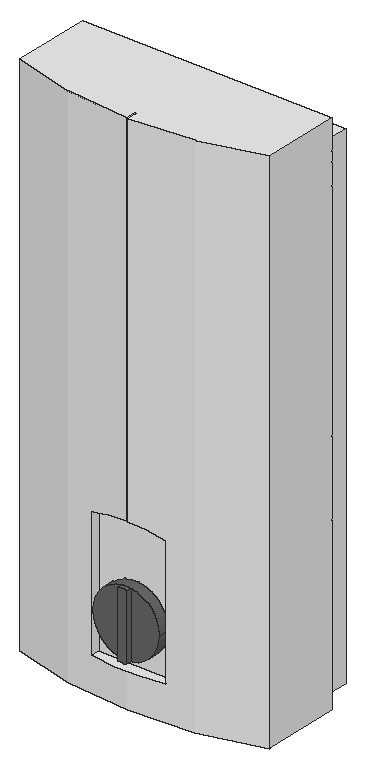
Revit family "Plumbing Fixture_Water Heater_Stiebel Eltron_DEL", category Plumbing Fixtures, Revit 2015
Parameters (values of type "27 AU")
  Waste Connection = no
  Vent Connection = no
  URL = "http://www.stiebel.com.au/"
  Type Comments = "Instantaneous Water Heater"  # constant formula
  Model = "DEL 27 AU"
  Manufacturer_URL__Product Specific = "http://www.stiebel.com.au/water-heating/del-instantaneous-3-phase-water-heater"
  Manufacturer_Spec Code = Model  # "DEL 27 AU"
  Manufacturer_Overall Width = 225 mm  # constant formula
  Manufacturer_Overall Height = 478 mm  # constant formula
  Manufacturer_Overall Depth = 105 mm  # constant formula
  Manufacturer_Height From FFL [instance] = 900 mm
  Manufacturer = "Stiebel Eltron"  # constant formula
  HW Connection = yes
  Description = "Instantaneous 3 Phase Electric Water Heater - Up to 50°Celsius"
  CreatedBy_ANZRS = "IGS - BIM Solutions"  # constant formula
  CreatedByURL_ANZRS = "http://www.igsgroup.com.au/"
  CW Connection = yes
  ApparentLoad_ANZRS = 28752 VA
Types (2, lengths in mm): name | Model | Manufacturer_Spec Code | ApparentLoad_ANZRS
  18 AU | "DEL 18 AU" | "DEL 18 AU" | 19407 VA
  27 AU | "DEL 27 AU" | "DEL 27 AU" | 28752 VA
Reference planes
  plane 1 "Center (Front/Back)": y = 0
  plane 2: z = 0
  plane 3 "Center (Left/Right)": x = 0
  plane 4 "Right": x = 112.5
  plane 5 "Left": x = -112.5
  plane 6 "Bottom": z = 900
  plane 7 "top": z = 1378
  plane 8 "Back": y = 52.5
  plane 9 "Front": y = -52.5
Forms (mm)
  Extrusion 1, solid, material "z_Stiebel Eltron_White"
    sketch origin (0, 0, 1378) x (-1, 0, 0) y (0, -1, 0)
      loop
        line (112.5, -37.5) -> (112.5, 32.5)
        arc (112.5, 32.5) -> (0, 52.5) -> (-112.5, 32.5) r 326.406
        line (-112.5, 32.5) -> (-112.5, -37.5) -> (112.5, -37.5)
    from -478 to 0
  Extrusion 2, void
    sketch origin (-2.784, 0, 863.757) x (1, 0, 0) y (0, 0, 1)
      loop
        arc (35.922, 183.734) -> (19.788, 187.446) -> (3.284, 188.751) r 112.576
        line (3.284, 188.751) -> (3.284, 514.243) -> (2.284, 514.243) -> (2.284, 188.752)
        arc (2.284, 188.752) -> (-14.235, 187.453) -> (-30.383, 183.745) r 112.571
        line (-30.383, 183.745) -> (-30.383, 68.744)
        arc (-30.383, 68.744) -> (2.769, 67.421) -> (35.922, 68.743) r 416.348
        line (35.922, 68.743) -> (35.922, 183.734)
    from 43.526 to 53.5
  Extrusion 3, solid, material "z_Stiebel Eltron_Black"
    sketch origin (0, 0, 891.832) x (1, 0, 0) y (0, 0, 1)
      loop
        circle (0, 79) r 30
    from 43.526 to 53.5
  Extrusion 4, solid, material "z_Stiebel Eltron_Black"
    sketch origin (0, 0, 891.832) x (1, 0, 0) y (0, 0, 1)
      loop
        line (-4.119, 108.45) -> (-4.119, 49.469)
        arc (-4.119, 49.469) -> (0, 49) -> (4.119, 49.469) r 18.33
        line (4.119, 49.469) -> (4.119, 108.45)
        arc (4.119, 108.45) -> (0, 109) -> (-4.119, 108.45) r 15.69
    from 53.5 to 58.5
  Extrusion 5, solid, material "z_Stiebel Eltron_White"
    sketch origin (-1893.299, -1524, 1378) x (-1, 0, 0) y (0, -1, 0)
      loop
        line (-1780.799, -1576.5) -> (-1780.799, -1561.5) -> (-2005.799, -1561.5) -> (-2005.799, -1576.5) -> (-1780.799, -1576.5)
    from -463 to -15
  Extrusion 6, solid
    sketch origin (-50.418, 0, 2493.962) x (1, 0, 0) y (0, 0, 1)
      loop
        circle (50.418, -1215.962) r 3
    from -52.5 to -57.498
  Extrusion 7, solid
    sketch origin (3.015, -10, 890.517) x (1, 0, 0) y (0, 0, 1)
      loop
        circle (-53.015, 49.483) r 6.35
      loop
        circle (46.985, 49.483) r 6.35
    from -67.5 to -62.5
  Extrusion 8, solid
    sketch origin (0, 0, 900) x (-1, 0, 0) y (0, -1, 0)
      loop
        circle (50, -17.5) r 6.35
      loop
        circle (-50, -17.5) r 6.35
    from -5.004 to 0
Cuts and joins
  Extrusion 2 cuts Extrusion 1
Lines and regions (mm)
  Masking region 1
    outline origin (0, 0, 0) x (1, 0, 0) y (0, 1, 0)
      loop
        arc (-112.5, -32.5) -> (-71.856, -44.493) -> (-30, -51.118) r 326.406
        line (-30, -51.118) -> (-30, -53.5) -> (-4.119, -53.5) -> (-4.119, -58.5) -> (4.119, -58.5) -> (4.119, -53.5) -> (30, -53.5) -> (30, -51.118)
        arc (30, -51.118) -> (71.856, -44.493) -> (112.5, -32.5) r 326.406
        line (112.5, -32.5) -> (112.5, 52.5) -> (-112.5, 52.5) -> (-112.5, -32.5)
  Masking region 2
    outline origin (-1065, 0, 900) x (0, 0, -1) y (1, 0, 0)
      loop
        line (-478, 952.5) -> (0, 952.5) -> (0, 1177.5) -> (-478, 1177.5) -> (-478, 952.5)
  Masking region 3
    outline origin (-112.5, 340, 2900) x (0, 1, 0) y (0, 0, 1)
      loop
        line (-392.5, -1522) -> (-392.5, -1847.491) -> (-393.5, -1847.491) -> (-393.5, -1899.12) -> (-396.326, -1899.12) -> (-396.326, -1959.165) -> (-393.5, -1959.165) -> (-393.5, -1968.82) -> (-392.5, -1968.82) -> (-392.5, -2000) -> (-302.5, -2000) -> (-302.5, -1985) -> (-287.5, -1985) -> (-287.5, -1537) -> (-302.5, -1537) -> (-302.5, -1522) -> (-392.5, -1522)
  Masking region 4, detail levels fine
    outline origin (0, 52.5, 0) x (-1, 0, 0) y (0, 0, 1)
      loop
        line (-4.119, 1000.547) -> (-4.119, 941.116)
        arc (-4.119, 941.116) -> (0, 940.832) -> (4.119, 941.116) r 30
        line (4.119, 941.116) -> (4.119, 1000.547)
        arc (4.119, 1000.547) -> (0, 1000.832) -> (-4.119, 1000.547) r 30
  symbolic lines, style "Water Storage", detail levels medium+fine
    curve 1: line (-112.5, 37.5, 0) -> (112.5, 37.5, 0)
    curve 4: line (-0.5, 0, 1378) -> (-0.5, 0, 1052.509)
    curve 5: line (0.5, 0, 1378) -> (0.5, 0, 1052.509)
    curve 6: line (-112.5, -32.5, 1378) -> (-112.5, -32.5, 900)
    curve 7: line (-112.5, 37.5, 1363) -> (-112.5, 37.5, 915)
    curve 17: arc (-33.167, 52.5, 932.501) -> (-0.014, 52.5, 931.178) -> (33.139, 52.5, 932.5) r 416.348
    curve 18: arc (30, 52.5, 970.832) -> (0, 52.5, 1000.832) -> (-30, 52.5, 970.832) r 30
    curve 19: arc (-30, 52.5, 970.832) -> (0, 52.5, 940.832) -> (30, 52.5, 970.832) r 30
  symbolic lines, style "Water Storage", detail levels fine
    curve 2: arc (-30, -51.118, 0) -> (0, -52.5, 0) -> (30, -51.118, 0) r 326.406
    curve 3: line (-4.119, -53.5, 0) -> (4.119, -53.5, 0)
    curve 8: line (-112.5, -53.5, 1000.88) -> (-112.5, -53.5, 940.835)
    curve 9: line (-112.5, -52.5, 931.18) -> (-112.5, -52.5, 1052.509)
    curve 15: line (31.139, 52.5, 932.345) -> (31.139, 52.5, 900)
    curve 16: line (-31.139, 52.5, 932.344) -> (-31.139, 52.5, 900)
  symbolic lines, style "Water Storage", detail levels coarse
    curve 10: line (0.337, 52.5, 1052.509) -> (-0.499, 52.5, 1052.509)
  symbolic lines, style "Water Storage"
    curve 11: line (-33.167, 52.5, 900) -> (-33.167, 52.5, 1047.502)
    curve 12: line (33.139, 52.5, 1047.492) -> (33.139, 52.5, 900)
    curve 13: arc (33.139, 52.5, 1047.492) -> (16.924, 52.5, 1051.215) -> (0.337, 52.5, 1052.509) r 112.576
    curve 14: arc (-0.499, 52.5, 1052.509) -> (-17.018, 52.5, 1051.211) -> (-33.167, 52.5, 1047.502) r 112.571
Text (mm)
  text "\n\n\n\nDisclaimer:\n\nDue to ongoing product development and manufacturing evolution, product details are subject to change without notice.\n\nPlease refer to product technical data sheets on www.stiebel.com.au for the most current product information.\n\nPlease allow a +/- 5mm tolerance for dimensions and set-outs shown in product literature.\n\n© Stiebel Eltron 2016" at (247.816, 163.514, 0), in view "Ref. Level_Instruction"
Dimensions and locks
  "Manufacturer_Height From FFL": plane 6 "Bottom" to plane 2
  equal spacing: plane 9 "Front", plane 1 "Center (Front/Back)", plane 8 "Back"
  "Manufacturer_Overall Depth": plane 8 "Back" to plane 9 "Front"
  equal spacing: plane 5 "Left", plane 3 "Center (Left/Right)", plane 4 "Right"
  "Manufacturer_Overall Width": plane 5 "Left" to plane 4 "Right"
  "Manufacturer_Overall Height": plane 7 "top" to plane 6 "Bottom"
  aligned and locked: level to plane 2
  aligned and locked: Extrusion 4 to Extrusion 3
  aligned and locked: plane 7 "top" to Extrusion 2
Automatic sketch dimensions
  plane 6 "Bottom" to Extrusion 3 sketch curve = 70.832 mm
  plane 4 "Right" to Extrusion 3 sketch curve = 112.5 mm
  Extrusion 5 sketch curve to plane 4 "Right" = 0 mm
  Extrusion 5 sketch curve to plane 5 "Left" = 0 mm
  Extrusion 5 sketch curve to plane 8 "Back" = 0 mm
  Extrusion 4 sketch curve to plane 3 "Center (Left/Right)" = 4.119 mm
  Extrusion 4 sketch curve to plane 3 "Center (Left/Right)" = 0 mm  (x2)
  Extrusion 4 sketch curve to Extrusion 4 sketch curve = 25.98 mm
  Extrusion 4 sketch curve to Extrusion 4 sketch curve = 15.139 mm
  plane 3 "Center (Left/Right)" to Extrusion 4 sketch curve = 4.119 mm
  Extrusion 1 sketch curve to plane 4 "Right" = 0 mm
  Extrusion 1 sketch curve to plane 3 "Center (Left/Right)" = 0 mm
  plane 8 "Back" to Extrusion 1 sketch curve = 221.406 mm
  Extrusion 4 sketch curve to Extrusion 4 sketch curve = 17.861 mm
  plane 6 "Bottom" to Extrusion 4 sketch curve = 41.301 mm
  Extrusion 7 sketch curve to plane 3 "Center (Left/Right)" = 50 mm
  plane 3 "Center (Left/Right)" to Extrusion 7 sketch curve = 50 mm
  plane 6 "Bottom" to Extrusion 7 sketch curve = 40 mm  (x2)
  plane 3 "Center (Left/Right)" to Extrusion 8 sketch curve = 50 mm
  Extrusion 8 sketch curve to plane 3 "Center (Left/Right)" = 50 mm
  Extrusion 8 sketch curve to plane 1 "Center (Front/Back)" = 17.5 mm  (x2)
  Extrusion 1 sketch curve to plane 8 "Back" = 15 mm
  Extrusion 5 sketch curve to plane 8 "Back" = 15 mm
  Extrusion 1 sketch curve to plane 5 "Left" = 0 mm
  plane 9 "Front" to Extrusion 1 sketch curve = 20 mm
  Masking region 1 sketch curve to Masking region 1 sketch curve = 0 mm  (x2)
  Masking region 1 sketch curve to plane 5 "Left" = 0 mm
  Masking region 1 sketch curve to plane 3 "Center (Left/Right)" = 0 mm
  Masking region 1 sketch curve to plane 4 "Right" = 0 mm
  Masking region 1 sketch curve to plane 8 "Back" = 0 mm
  Masking region 1 sketch curve to plane 3 "Center (Left/Right)" = 30 mm
  Masking region 1 sketch curve to plane 3 "Center (Left/Right)" = 4.119 mm
  plane 3 "Center (Left/Right)" to Masking region 1 sketch curve = 4.119 mm
  plane 9 "Front" to Masking region 1 sketch curve = 1.382 mm  (x2)
  Masking region 1 sketch curve to Masking region 1 sketch curve = 25.881 mm
  Masking region 1 sketch curve to plane 9 "Front" = 1 mm  (x2)
  Masking region 1 sketch curve to Masking region 1 sketch curve = 5 mm
  plane 1 "Center (Front/Back)" to Masking region 1 sketch curve = 32.5 mm
  curve 1 to plane 5 "Left" = 0 mm
  curve 2 to plane 3 "Center (Left/Right)" = 0 mm
  curve 1 to plane 4 "Right" = 0 mm
  plane 8 "Back" to curve 2 = 221.406 mm
  plane 9 "Front" to curve 2 = 1.382 mm  (x2)
  curve 2 to plane 3 "Center (Left/Right)" = 30 mm
  curve 3 to plane 9 "Front" = 1 mm
  curve 3 to plane 3 "Center (Left/Right)" = 4.119 mm
  plane 3 "Center (Left/Right)" to curve 3 = 4.119 mm
  curve 1 to plane 8 "Back" = 15 mm
  curve 5 to plane 7 "top" = 0 mm
  curve 4 to plane 7 "top" = 0 mm
  plane 3 "Center (Left/Right)" to curve 5 = 0.5 mm
  plane 6 "Bottom" to curve 5 = 152.509 mm
  curve 4 to plane 3 "Center (Left/Right)" = 0.5 mm
  curve 5 to curve 4 = 0 mm
  curve 6 to plane 6 "Bottom" = 0 mm
  curve 6 to plane 7 "top" = 0 mm
  curve 8 to plane 9 "Front" = 1 mm
  plane 9 "Front" to curve 9 = 0 mm
  plane 9 "Front" to curve 6 = 20 mm
  curve 7 to plane 8 "Back" = 15 mm
  plane 6 "Bottom" to curve 7 = 15 mm
  plane 6 "Bottom" to curve 9 = 31.18 mm
  curve 9 to curve 8 = 9.655 mm
  curve 8 to curve 8 = 60.046 mm
  curve 8 to curve 9 = 51.628 mm
  curve 7 to plane 7 "top" = 15 mm
  curve 12 to plane 6 "Bottom" = 0 mm
  curve 15 to plane 6 "Bottom" = 0 mm
  curve 16 to plane 6 "Bottom" = 0 mm
  curve 11 to plane 6 "Bottom" = 0 mm
  plane 3 "Center (Left/Right)" to curve 12 = 33.139 mm
  plane 3 "Center (Left/Right)" to curve 10 = 0.337 mm
  plane 3 "Center (Left/Right)" to curve 14 = 0.036 mm
  curve 13 to plane 3 "Center (Left/Right)" = 0.097 mm
  curve 10 to plane 3 "Center (Left/Right)" = 0.499 mm
  curve 14 to curve 11 = 32.668 mm
  plane 6 "Bottom" to curve 13 = 39.933 mm
  curve 13 to curve 14 = 0.006 mm
  curve 14 to curve 12 = 107.553 mm
  plane 3 "Center (Left/Right)" to curve 15 = 31.139 mm
  curve 16 to curve 11 = 2.028 mm
  curve 16 to curve 13 = 7.59 mm
  curve 15 to curve 14 = 7.594 mm
  Extrusion 2 sketch curve to plane 7 "top" = 0 mm
  Extrusion 2 sketch curve to plane 3 "Center (Left/Right)" = 33.167 mm
  Extrusion 2 sketch curve to plane 3 "Center (Left/Right)" = 0.5 mm
  Extrusion 2 sketch curve to plane 3 "Center (Left/Right)" = 0.097 mm
  Extrusion 2 sketch curve to plane 3 "Center (Left/Right)" = 0.009 mm
  plane 3 "Center (Left/Right)" to Extrusion 2 sketch curve = 0.036 mm
  plane 3 "Center (Left/Right)" to Extrusion 2 sketch curve = 0.5 mm
  plane 3 "Center (Left/Right)" to Extrusion 2 sketch curve = 33.139 mm
  Extrusion 2 sketch curve to plane 7 "top" = 30.474 mm
  plane 6 "Bottom" to Extrusion 2 sketch curve = 152.509 mm
  Extrusion 2 sketch curve to Extrusion 2 sketch curve = 0.001 mm
  Extrusion 2 sketch curve to Extrusion 2 sketch curve = 5.007 mm
  Extrusion 2 sketch curve to Extrusion 2 sketch curve = 5.016 mm
  plane 6 "Bottom" to Extrusion 2 sketch curve = 32.501 mm
  Extrusion 6 sketch curve to plane 3 "Center (Left/Right)" = 0 mm
  Extrusion 6 sketch curve to plane 7 "top" = 100 mm
  Masking region 2 sketch curve to plane 4 "Right" = 0 mm
  Masking region 2 sketch curve to plane 7 "top" = 0 mm
  Masking region 2 sketch curve to plane 5 "Left" = 0 mm
  Masking region 2 sketch curve to plane 6 "Bottom" = 0 mm
  Masking region 3 sketch curve to plane 6 "Bottom" = 0 mm
  Masking region 3 sketch curve to plane 7 "top" = 0 mm
  Masking region 3 sketch curve to plane 8 "Back" = 0 mm
  Masking region 3 sketch curve to plane 8 "Back" = 15 mm  (x2)
  plane 9 "Front" to Masking region 3 sketch curve = 0 mm  (x2)
  Masking region 3 sketch curve to plane 9 "Front" = 1 mm  (x2)
  Masking region 3 sketch curve to Masking region 3 sketch curve = 2.826 mm
  plane 6 "Bottom" to Masking region 3 sketch curve = 15 mm
  Masking region 3 sketch curve to Masking region 3 sketch curve = 31.18 mm
  Masking region 3 sketch curve to Masking region 3 sketch curve = 9.655 mm
  Masking region 3 sketch curve to Masking region 3 sketch curve = 60.046 mm
  Masking region 3 sketch curve to Masking region 3 sketch curve = 51.628 mm
  Masking region 3 sketch curve to plane 7 "top" = 15 mm
  curve 17 to plane 7 "top" = 30.474 mm
  plane 3 "Center (Left/Right)" to curve 18 = 0 mm
  curve 14 to curve 19 = 30.893 mm
  curve 19 to curve 18 = 30 mm
  plane 6 "Bottom" to Masking region 4 sketch curve = 41.116 mm
  Masking region 4 sketch curve to Masking region 4 sketch curve = 0 mm  (x3)
  plane 3 "Center (Left/Right)" to Masking region 4 sketch curve = 0 mm
  Masking region 4 sketch curve to Masking region 4 sketch curve = 4.119 mm
  Masking region 4 sketch curve to Masking region 4 sketch curve = 29.716 mm  (x2)
  radius of Extrusion 3 sketch curve = 30 mm
  radius of Extrusion 7 sketch curve = 6.35 mm  (x2)
  radius of Extrusion 8 sketch curve = 6.35 mm  (x2)
  radius of Extrusion 6 sketch curve = 3 mm
Connectors
  electrical at (0, 57.498, 1278), driven by "ApparentLoad_ANZRS"
    settings: on Extrusion 6, index 1, voltage 400 V, apparent load 28752 VA, apparent load phase1 0 VA, apparent load phase2 0 VA, apparent load phase3 0 VA, power factor 1, load classification "Power", number of poles 3, system type 30, power factor state 1, is connector primary yes, connector utility no, sub classification motor no, connector description "Electric"
  piping at (50, 57.5, 940), diameter 12.7, driven by "CW Connection"
    settings: on Extrusion 7, index 2, connector inside diameter 609.6 mm, connector length 0 mm, flow factor 0, pipe flow 0.0 L/s, pressure drop 0.0 Pa, fitting loss kfactor 0, connector angle 0.00°, fixture units 0, engagement length 0 mm, angle of deflection 0.00°, flow configuration 2, flow direction 1, fitting loss method 4, system type 20, joint type 0, gender type 0, connector reference index -1, connector utility 1, adjustable connector no, is connector primary yes, connector description "Cold Water Inlet"
  piping at (-50, 57.5, 940), diameter 12.7, driven by "HW Connection"
    settings: on Extrusion 7, index 3, connector inside diameter 609.6 mm, connector length 0 mm, flow factor 0, pipe flow 0.0 L/s, pressure drop 0.0 Pa, fitting loss kfactor 0, connector angle 0.00°, fixture units 0, engagement length 0 mm, angle of deflection 0.00°, flow configuration 2, flow direction 2, fitting loss method 4, system type 19, joint type 0, gender type 0, connector reference index -1, connector utility 1, adjustable connector no, is connector primary no, connector description "Hot Water Outlet"
  piping at (-50, 17.5, 894.996), diameter 12.7, driven by "HW Connection"
    settings: on Extrusion 8, index 4, connector inside diameter 609.6 mm, connector length 0 mm, flow factor 0, pipe flow 0.0 L/s, pressure drop 0.0 Pa, fitting loss kfactor 0, connector angle 0.00°, fixture units 0, engagement length 0 mm, angle of deflection 0.00°, flow configuration 2, flow direction 2, fitting loss method 4, system type 19, joint type 0, gender type 0, connector reference index -1, connector utility 1, adjustable connector no, is connector primary no, connector description "Hot Water Outlet"
  piping at (50, 17.5, 894.996), diameter 12.7, driven by "CW Connection"
    settings: on Extrusion 8, index 5, connector inside diameter 609.6 mm, connector length 0 mm, flow factor 0, pipe flow 0.0 L/s, pressure drop 0.0 Pa, fitting loss kfactor 0, connector angle 0.00°, fixture units 0, engagement length 0 mm, angle of deflection 0.00°, flow configuration 2, flow direction 1, fitting loss method 4, system type 20, joint type 0, gender type 0, connector reference index -1, connector utility 1, adjustable connector no, is connector primary no, connector description "Cold  Water Inlet"
